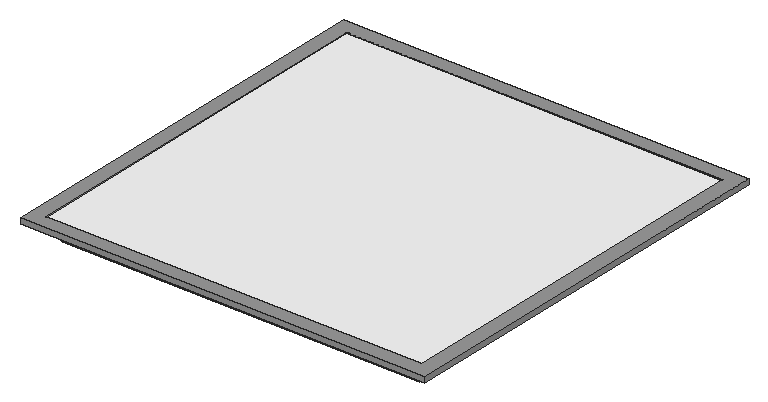
Revit family "0047670", category Lighting Fixtures, host Face, Revit 2017
Family settings
  Host = Face
  Round Connector Dimension = Use Diameter
  Part Type = Normal
  OmniClass Number = 23.80.70.00
  OmniClass Title = Lighting
  Cut with Voids When Loaded = No
  Light Source = Yes
  Shared = No
  Room Calculation Point = No
Parameters (values of type "0047670 START ECO PANEL 600X600 3200LM 840")
  Weight = "kg"
  Wattage Comments = ""
  Wattage = 36 W
  WarrantyStartDate [instance] = "n/a"
  WarrantyGuarantorParts = "n/a"
  WarrantyDurationUnit = "n/a"
  WarrantyDurationParts = "n/a"
  WarrantyDescription = "n/a"
  built-in parameter 1150110 = 1 (stored number, unit not read)
  Voltage = 0 V
  URL = "http://www.sylvania-lighting.com"
  TypeName = "START eco Panel 600x600 3200Lm 840"
  Type Image = <None>
  Type Comments = "n/a"
  built-in parameter 1114217 = 1 (stored number, unit not read)
  Tilt Angle = -90.00°
  built-in parameter 1150109 = 1 (stored number, unit not read)
  built-in parameter 1150134 = 12
  built-in parameter 1150113 = 1 (stored number, unit not read)
  SerialNumber [instance] = "n/a"
  Photometric Web File = "0047670.ies"
  Material_3_SYL = none
  PowerFactor = 0.95
  PowerConsumption = "36 W"
  NominalLength = 595 mm
  NominalHeight = 34 mm
  NominalDepth = 595 mm
  Name = "START eco Panel 600x600 3200Lm 840"
  ModelReference = Name  # "START eco Panel 600x600 3200Lm 840"
  ModelNumber = "0047670"
  Model = Name  # "START eco Panel 600x600 3200Lm 840"
  Material = "al 6063 housing, ps diffuser"
  ManufacturerName = "Feilo Sylvania"
  Manufacturer = "Feilo Sylvania"
  LuminousEfficacy = "89 lm/W"
  built-in parameter 1150105 = 254.97 (stored number, unit not read)
  Lumens = 3204 lm
  LuminaireType = ""
  built-in parameter 1150115 = 1 (stored number, unit not read)
  LightOutputRatio = "n/a"
  built-in parameter 1150137 = (empty or 0)
  built-in parameter 1150139 = (empty or 0)
  LampsType = Lamp  # "LED"
  LampNominalLuminous = "3200 lm"
  LampMacAdamStep = "6"
  LampColourTemperature = "4000 K"
  LampColourRenderingIndex = "80"
  built-in parameter 1150112 = 1 (stored number, unit not read)
  built-in parameter 1150114 = 1 (stored number, unit not read)
  Lamp = "LED"
  Keynote = "16500"
  InstallationDate [instance] = "n/a"
  InputVoltage = "n/a"
  InputNominalFrequency = "n/a"
  built-in parameter 1150132 = (empty or 0)
  built-in parameter 1150102 = (empty or 0)
  built-in parameter 1150107 = 4000 (stored number, unit not read)
  built-in parameter 1150138 = (empty or 0)
  IngressProtection = "IP40/20"
  ImpactProtectionIndex = "IK03"
  built-in parameter 1150106 = 2.5497 (stored number, unit not read)
  IfcExportType = "IfcLightFixtureType"
  IfcExportAs = "IfcLightFixtureType"
  Emit from Rectangle Width = 553 mm
  Emit from Rectangle Length = 553 mm
  Emit Shape Visible in Rendering = no
  ElectricShockClassification = "Class II"
  built-in parameter 1150104 = 8.2684 (stored number, unit not read)
  DocumentationLiterature = "http://www.sylvania-lighting.com/product/en-int/products/0047670"
  DimmingControlOptions = "n/a"
  Material_2_SYL = LED
  Dimming Lamp Color Temperature Shift = <None>
  Description = ""
  Default Elevation = 1219.2 mm
  CreatedOn = "6/25/2019"
  CreatedBy = "@sylvania-lighting.com"
  Cost = 0
  Color Filter = 16777215
  built-in parameter 1114216 [instance] = (empty or 0)
  ClassificationValue = "EF_70_80"
  ClassificationName = "Uniclass2015"
  Material_1_SYL = PC/ABS Plastic
  BarCode [instance] = "n/a"
  built-in parameter 1114218 = 1 (stored number, unit not read)
  built-in parameter 1150133 = 10 (stored number, unit not read)
  AssetType = "Fixed"
  AssetIdentifier [instance] = "n/a"
  Assembly Code = "D5020200"
  Apparent Load = 36 VA
  Material_4_SYL = none
Reference planes
  plane 1 "Center (Front/Back)": y = 0
  plane 2: z = 0
  plane 3 "Center (Left/Right)": x = 0
  plane 4: z = 8
  plane 5: z = -26
  plane 6: z = -56
  plane 7: x = 297.5
  plane 8: x = -297.5
  plane 9: y = 297.5
  plane 10: y = -297.5
  plane 11: y = 276.5
  plane 12: y = -276.5
  plane 13: x = -276.5
  plane 14: x = 276.5
  plane 15: x = -275
  plane 16: x = 275
  plane 17: y = -275
  plane 18: y = 275
  plane 19: x = 263
  plane 20: x = -263
  plane 21: y = -263
  plane 22: y = 263
  plane 23: z = 7
  plane 24: z = -100
Forms (mm)
  Extrusion 1, void
    sketch origin (0, 0, 0) x (1, 0, 0) y (0, 1, 0)
      loop
        line (-275, 275) -> (-275, -275) -> (275, -275) -> (275, 275) -> (-275, 275)
    from 0 to -100
  Extrusion 2, solid, material "PC/ABS Plastic" <- "Material_1_SYL"
    sketch origin (0, 0, 0) x (1, 0, 0) y (0, 1, 0)
      loop
        line (-297.5, -297.5) -> (297.5, -297.5) -> (297.5, 297.5) -> (-297.5, 297.5) -> (-297.5, -297.5)
    from 0 to 8
  Extrusion 3, void
    sketch origin (1223.4, -4572, 8) x (-1, 0, 0) y (0, -1, 0)
      loop
        line (1499.9, -4848.5) -> (1499.9, -4295.5) -> (946.9, -4295.5) -> (946.9, -4848.5) -> (1499.9, -4848.5)
    from 0 to -1
  Blend 4, solid, material "PC/ABS Plastic" <- "Material_1_SYL"
    base sketch origin (0, 0, 0) x (1, 0, 0) y (0, 1, 0)
      loop
        line (-275, -275) -> (275, -275) -> (275, 275) -> (-275, 275) -> (-275, -275)
    top sketch origin (0, 0, 0) x (1, 0, 0) y (0, 1, 0)
      loop
        line (-263, -263) -> (263, -263) -> (263, 263) -> (-263, 263) -> (-263, -263)
    from 0 to -26
Cuts and joins
  Extrusion 3 cuts Extrusion 2
Dimensions and locks
  equal spacing: plane 8, plane 3 "Center (Left/Right)", plane 7
  locked: plane 8 to plane 7 at 595
  equal spacing: plane 10, plane 1 "Center (Front/Back)", plane 9
  locked: plane 10 to plane 9 at 595
  equal spacing: plane 13, plane 3 "Center (Left/Right)", plane 14
  locked: plane 13 to plane 14 at 553
  equal spacing: plane 12, plane 1 "Center (Front/Back)", plane 11
  locked: plane 12 to plane 11 at 553
  equal spacing: plane 17, plane 1 "Center (Front/Back)", plane 18
  locked: plane 17 to plane 18 at 550
  equal spacing: plane 15, plane 3 "Center (Left/Right)", plane 16
  locked: plane 15 to plane 16 at 550
  equal spacing: plane 21, plane 1 "Center (Front/Back)", plane 22
  locked: plane 21 to plane 22 at 526
  equal spacing: plane 20, plane 3 "Center (Left/Right)", plane 19
  locked: plane 20 to plane 19 at 526
  locked: plane 4 to plane 23 at 1
  locked: plane 4 to plane 2 at 8
  plane 2 to plane 5 to plane 6 = 26 mm locked, 30 mm locked
  locked: plane 2 to plane 24 at 100
  aligned and locked: plane 2 to host face
  aligned and locked: level to host face
  aligned and locked: plane 18 to Extrusion 1 sketch curve
  aligned and locked: plane 15 to Extrusion 1 sketch curve
  aligned and locked: Extrusion 1 sketch curve to plane 17
  aligned and locked: Extrusion 1 sketch curve to plane 16
  aligned and locked: level to Extrusion 1
  aligned and locked: plane 10 to Extrusion 2 sketch curve
  aligned and locked: Extrusion 2 sketch curve to plane 8
  aligned and locked: Extrusion 2 sketch curve to plane 9
  aligned and locked: plane 7 to Extrusion 2 sketch curve
  aligned and locked: Extrusion 2 to level
  aligned and locked: Extrusion 2 to plane 4
  aligned and locked: plane 11 to Extrusion 3 sketch curve
  aligned and locked: plane 13 to Extrusion 3 sketch curve
  aligned and locked: Extrusion 3 sketch curve to plane 12
  aligned and locked: Extrusion 3 sketch curve to plane 14
  aligned and locked: plane 23 to Extrusion 3
  aligned and locked: Extrusion 3 to plane 4
  aligned and locked: plane 17 to Blend 4 sketch curve
  aligned and locked: Blend 4 sketch curve to plane 15
  aligned and locked: Blend 4 sketch curve to plane 18
  aligned and locked: plane 16 to Blend 4 sketch curve
  aligned and locked: plane 21 to Blend 4 sketch curve
  aligned and locked: Blend 4 sketch curve to plane 20
  aligned and locked: Blend 4 sketch curve to plane 22
  aligned and locked: plane 19 to Blend 4 sketch curve
  aligned and locked: plane 5 to Blend 4
  aligned and locked: level to Blend 4
  aligned and locked: Extrusion 1 to plane 24
  aligned and locked: imposter light to plane 23
  aligned and locked: plane 3 "Center (Left/Right)" to imposter light
  aligned and locked: imposter light to plane 1 "Center (Front/Back)"
Automatic sketch dimensions
  host sketch curve to host sketch curve = 800 mm  (x2)
Connectors
  electrical at (0, 0, 8), driven by "Voltage", driven by "Apparent Load", driven by "PowerFactor"
    settings: on cut or joined group of Extrusion 2, Extrusion 3, index 1, voltage 0 V, apparent load 36 VA, apparent load phase1 0 VA, apparent load phase2 0 VA, apparent load phase3 0 VA, power factor 0.95, load classification "Other", number of poles 1, system type 30, power factor state 1, is connector primary yes, connector utility no, sub classification motor no, connector description ""
